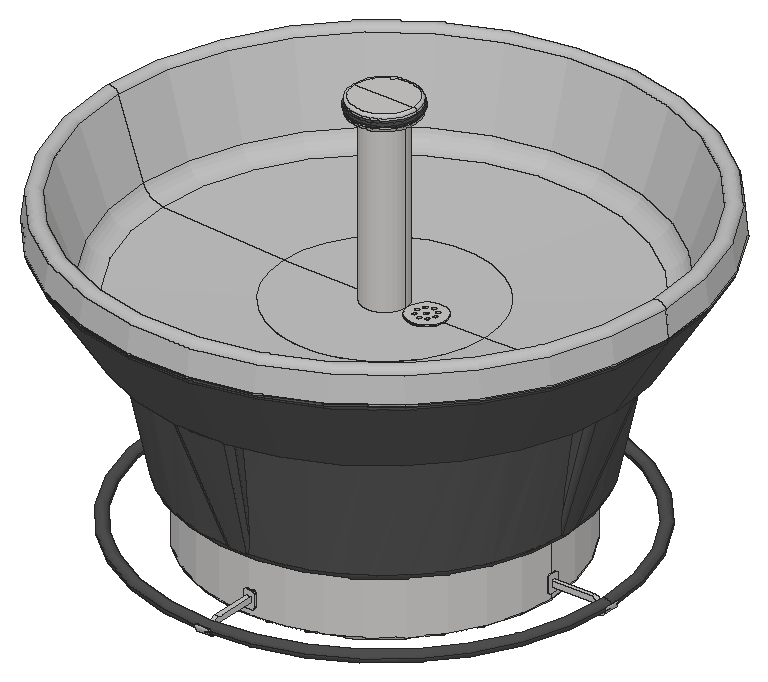
Revit family "Washfountain_Lavatory-Bradley_Corp-WF2808-Type_B_Drain", category Plumbing Fixtures, Revit 2012 (continued)
Lines and regions (in)
  symbolic lines, visible <- "Soap Dispenser", detail levels fine
    curve 24: line (0, 6.1566, 45.875) -> (0, -6.1566, 45.875)
  symbolic lines, detail levels medium
    curve 25: line (-3.12875, 0, 36.80502) -> (-3.035, 0, 36.80502)
    curve 27: line (3.035, 0, 36.80502) -> (3.12875, 0, 36.80502)
    curve 28: line (3.12875, 0, 36.30502) -> (3.035, 0, 36.30502)
    curve 30: line (-3.035, 0, 36.30502) -> (-3.12875, 0, 36.30502)
    curve 32: line (0, 3.12875, 36.80502) -> (0, 3.035, 36.80502)
    curve 34: line (0, -3.035, 36.80502) -> (0, -3.12875, 36.80502)
    curve 35: line (0, -3.12875, 36.30502) -> (0, -3.035, 36.30502)
    curve 37: line (0, 3.035, 36.30502) -> (0, 3.12875, 36.30502)
  symbolic lines, detail levels medium+fine
    curve 26: line (-3.035, 0, 36.80502) -> (3.035, 0, 36.80502)
    curve 29: line (3.035, 0, 36.30502) -> (-3.035, 0, 36.30502)
    curve 33: line (0, 3.035, 36.80502) -> (0, -3.035, 36.80502)
    curve 36: line (0, -3.035, 36.30502) -> (0, 3.035, 36.30502)
    curve 47: circle (0, 0, 37.25) r 2 normal (0, 0, 1)
    curve 137: circle (4, 0, 29) r 1.25 normal (0, 0, 1)
    curve 138: circle (4, 0, 29) r 0.1842 normal (0, 0, 1)
    curve 139: circle (4, 0.87771, 29) r 0.1842 normal (0, 0, 1)
    curve 140: circle (4.62063, 0.62063, 29) r 0.1842 normal (0, 0, 1)
    curve 141: circle (4.87771, 0, 29) r 0.1842 normal (0, 0, 1)
    curve 142: circle (4.62063, -0.62063, 29) r 0.1842 normal (0, 0, 1)
    curve 143: circle (4, -0.87771, 29) r 0.1842 normal (0, 0, 1)
    curve 144: circle (3.37937, -0.62063, 29) r 0.1842 normal (0, 0, 1)
    curve 145: circle (3.12229, 0, 29) r 0.1842 normal (0, 0, 1)
    curve 146: circle (3.37937, 0.62063, 29) r 0.1842 normal (0, 0, 1)
    curve 155: line (-17.48807, 0, 6.31492) -> (-0.96574, 0, 6.31492)
    curve 156: line (-0.96574, 0, 6.24986) -> (-0.96574, 0, 18.12)
    curve 158: line (-0.12584, 0, 6.24986) -> (-0.12584, 0, 18.12)
    curve 159: line (1.12265, 0, 6.31492) -> (17.49519, 0, 6.31492)
    curve 160: line (-22.00077, 0, 18.10444) -> (-21.06726, 0, 18.10444)
    curve 161: arc (-21.06726, 0, 18.10444) -> (-20.92142, 0, 18.054) -> (-20.8379, 0, 17.92423) r 0.23606
    curve 162: line (-20.8379, 0, 17.92423) -> (-2.19375, 0, 17.92423)
    curve 163: line (-2.07801, 0, 18.10444) -> (-1.09014, 0, 18.10444)
    curve 164: arc (-2.07801, 0, 18.10444) -> (-2.16776, 0, 18.05613) -> (-2.19717, 0, 17.95855) r 0.13336
    curve 165: arc (-1.09014, 0, 18.10444) -> (-1.02745, 0, 18.10835) -> (-0.96574, 0, 18.12) r 0.50514
    curve 166: arc (-1.08537, 0, 6.8063) -> (-1.04271, 0, 6.55643) -> (-0.96574, 0, 6.31492) r 1.81926
    curve 167: line (-0.96574, 0, 6.24986) -> (-0.12584, 0, 6.24986)
    curve 168: line (0, 0, 6.31492) -> (0.15691, 0, 6.31492)
    curve 169: arc (-0.12584, 0, 6.24986) -> (-0.05501, 0, 6.26709) -> (0, 0, 6.31492) r 0.15424
    curve 173: line (1.12265, 0, 6.24986) -> (1.12265, 0, 18.12)
    curve 175: line (0.28275, 0, 6.24986) -> (0.28275, 0, 18.12)
    curve 176: line (22.00077, 0, 18.10444) -> (21.09665, 0, 18.10444)
    curve 177: arc (21.09665, 0, 18.10444) -> (20.95081, 0, 18.054) -> (20.86729, 0, 17.92423) r 0.23606
    curve 178: line (20.86729, 0, 17.92423) -> (2.35066, 0, 17.92423)
    curve 179: line (2.23492, 0, 18.10444) -> (1.24705, 0, 18.10444)
    curve 180: arc (2.23492, 0, 18.10444) -> (2.32467, 0, 18.05613) -> (2.35408, 0, 17.95855) r 0.13336
    curve 181: arc (1.24705, 0, 18.10444) -> (1.18436, 0, 18.10835) -> (1.12265, 0, 18.12) r 0.50514
    curve 182: arc (1.24228, 0, 6.8063) -> (1.19962, 0, 6.55643) -> (1.12265, 0, 6.31492) r 1.81926
    curve 183: line (1.12265, 0, 6.24986) -> (0.28275, 0, 6.24986)
    curve 184: arc (0.28275, 0, 6.24986) -> (0.21192, 0, 6.26709) -> (0.15691, 0, 6.31492) r 0.15424
    curve 201: line (0, 20.99655, 18.03148) -> (0, 21.97113, 18.03148)
    curve 203: arc (0, 20.8379, 17.92423) -> (0, 20.9008, 18.00216) -> (0, 20.99655, 18.03148) r 0.17096
    curve 205: line (0, 2.19389, 17.92569) -> (0, 20.83849, 17.92569)
    curve 208: line (0, 2.07801, 18.10444) -> (0, 1.09014, 18.10444)
    curve 209: arc (0, 2.19829, 17.96981) -> (0, 2.16828, 18.06404) -> (0, 2.07801, 18.10444) r 0.12105
    curve 210: line (0, 0.96513, 6.24986) -> (0, 0.96513, 18.12004)
    curve 211: arc (0, 0.96513, 18.12004) -> (0, 1.02715, 18.10836) -> (0, 1.09014, 18.10444) r 0.5087
    curve 213: line (0, 0.96513, 6.24986) -> (0, 0.12584, 6.24986)
    curve 215: arc (0, 1.08537, 6.8063) -> (0, 1.04105, 6.52467) -> (0, 0.96513, 6.24986) r 2.51421
    curve 216: line (0, 0, 6.31685) -> (0, -0.15625, 6.31685)
    curve 217: line (0, 0, 6.31685) -> (0, 0.12584, 6.24986)
    curve 218: line (0, 0.12584, 6.24986) -> (0, 0.12584, 18.12004)
    curve 221: line (0, -2.35014, 17.92569) -> (0, -20.8418, 17.92569)
    curve 224: line (0, -2.23426, 18.10444) -> (0, -1.24639, 18.10444)
    curve 225: arc (0, -2.35454, 17.96981) -> (0, -2.32453, 18.06404) -> (0, -2.23426, 18.10444) r 0.12105
    curve 226: line (0, -1.12138, 6.24986) -> (0, -1.12138, 18.12004)
    curve 227: arc (0, -1.12138, 18.12004) -> (0, -1.1834, 18.10836) -> (0, -1.24639, 18.10444) r 0.5087
    curve 228: line (0, -1.12138, 6.24986) -> (0, -0.28209, 6.24986)
    curve 230: arc (0, -1.24162, 6.8063) -> (0, -1.1973, 6.52467) -> (0, -1.12138, 6.24986) r 2.51421
    curve 231: line (0, -0.15625, 6.31685) -> (0, -0.28209, 6.24986)
    curve 232: line (0, -0.28209, 6.24986) -> (0, -0.28209, 18.12004)
    curve 235: line (0, -21.00003, 18.03148) -> (0, -21.97463, 18.03148)
    curve 237: arc (0, -20.84138, 17.92423) -> (0, -20.90428, 18.00216) -> (0, -21.00003, 18.03148) r 0.17096
    curve 241: line (0, 17.49039, 6.32544) -> (0, 0.98937, 6.32544)
    curve 242: line (0, -1.14562, 6.32544) -> (0, -17.49387, 6.32544)
  symbolic lines
    curve 31: line (-2, 0, 35.86002) -> (2, 0, 35.86002)
    curve 38: line (0, 2, 35.86002) -> (0, -2, 35.86002)
    curve 136: circle (4, 0, 29) r 1.75 normal (0, 0, 1)
    curve 147: circle (0, 0, 29) r 25.3 normal (0, 0, 1)
    curve 153: line (-20.8379, 0, 17.92423) -> (-17.61819, 0, 6.792)
    curve 154: line (-17.61819, 0, 6.792) -> (-17.47033, 0, 6.24986)
    curve 157: line (-2.19717, 0, 17.95855) -> (-1.08537, 0, 6.8063)
    curve 172: line (20.86729, 0, 17.92423) -> (17.49473, 0, 6.31579)
    curve 174: line (2.35408, 0, 17.95855) -> (1.24228, 0, 6.8063)
    curve 187: line (22.00077, 0, 18.10444) -> (17.49519, 0, 6.31492)
    curve 188: line (-15.8946, 0, 5.6669) -> (15.9375, 0, 5.6669)
    curve 202: line (0, 20.8379, 17.92423) -> (0, 17.46859, 6.24991)
    curve 204: line (0, 20.8379, 17.92423) -> (0, 20.89404, 18.12)
    curve 206: line (0, 2.19829, 17.96981) -> (0, 1.08537, 6.8063)
    curve 212: line (0, 15.89286, 5.66694) -> (0, -15.89458, 5.66694)
    curve 222: line (0, -2.35454, 17.96981) -> (0, -1.24162, 6.8063)
    curve 236: line (0, -20.84138, 17.92423) -> (0, -17.46638, 6.2302)
    curve 238: line (0, -20.84138, 17.92423) -> (0, -20.89752, 18.12)
    curve 251: circle (0, 0, 29) r 21 normal (0, 0, 1)
    curve 252: line (26.7906, 0, 26) -> (-26.7889, 0, 26)
    curve 253: line (0, 26.7906, 26) -> (0, -26.7906, 26)
  symbolic lines, visible <- "Sensor Module", detail levels fine
    curve 39: line (-4.49987, 0, 40.18459) -> (4.49987, 0, 40.18459)
    curve 42: line (0, 4.49987, 40.18459) -> (0, -4.49987, 40.18459)
  symbolic lines, visible <- "Sensor Module", detail levels medium
    curve 40: line (4.57537, 0, 38.73512) -> (-4.5755, 0, 38.73512)
    curve 43: line (0, -4.57537, 38.73512) -> (0, 4.57537, 38.73512)
  symbolic lines, visible <- "Sensor Module"
    curve 41: line (-2, 0, 37.90962) -> (2, 0, 37.90962)
    curve 44: line (0, 2, 37.91) -> (0, -2, 37.91)
  symbolic lines, visible <- "Sensor Module", detail levels medium+fine
    curve 46: circle (0, 0, 40.75) r 2.10282 normal (0, 0, 1)
  model lines, visible <- "Towel Dispenser", detail levels fine
    curve 51: spline (-9.0267, 1.13929, 53.62502) -> (-8.93299, 0.97699, 56.66615) -> (-8.65827, 0.50115, 59.50002) -> (-8.22124, -0.2558, 61.93353) -> (-7.6517, -1.24228, 63.80082) -> (-6.98845, -2.39106, 64.97465) -> (-6.2767, -3.62385, 65.37502) -> (-5.56494, -4.85664, 64.97465) -> (-4.9017, -6.00542, 63.80082) -> (-4.33215, -6.9919, 61.93353) -> (-3.89513, -7.74885, 59.50002) -> (-3.6204, -8.22469, 56.66615) -> (-3.5267, -8.38699, 53.62502)
    curve 52: spline (3.527, -8.3872, 53.62502) -> (3.6207, -8.22489, 56.66615) -> (3.89542, -7.74903, 59.50002) -> (4.33244, -6.99205, 61.93353) -> (4.90197, -6.00554, 63.80082) -> (5.56521, -4.85671, 64.97465) -> (6.27694, -3.62387, 65.37502) -> (6.98868, -2.39103, 64.97465) -> (7.65191, -1.24221, 63.80082) -> (8.22144, -0.2557, 61.93353) -> (8.65846, 0.50129, 59.50002) -> (8.93318, 0.97714, 56.66615) -> (9.02688, 1.13945, 53.62502)
    curve 98: spline (4.50547, -6.69233, 56.22659) -> (4.48576, -6.72648, 56.26066) -> (4.46739, -6.7583, 56.36056) -> (4.45161, -6.78563, 56.51948) -> (4.43951, -6.80659, 56.72659) -> (4.4319, -6.81977, 56.96777) -> (4.4293, -6.82427, 57.22659) -> (4.4319, -6.81977, 57.4854) -> (4.43951, -6.80659, 57.72659) -> (4.45161, -6.78563, 57.93369) -> (4.46739, -6.7583, 58.09261) -> (4.48576, -6.72648, 58.19251) -> (4.50547, -6.69233, 58.22659) -> (4.52519, -6.65819, 58.19251) -> (4.54356, -6.62637, 58.09261) -> (4.55933, -6.59904, 57.93369) -> (4.57144, -6.57807, 57.72659) -> (4.57905, -6.56489, 57.4854) -> (4.58164, -6.5604, 57.22659) -> (4.57905, -6.56489, 56.96777) -> (4.57144, -6.57807, 56.72659) -> (4.55933, -6.59904, 56.51948) -> (4.54356, -6.62637, 56.36056) -> (4.52519, -6.65819, 56.26066) -> (4.50547, -6.69233, 56.22659)
    curve 99: spline (3.54323, 7.20696, 56.22659) -> (3.58266, 7.20696, 56.26066) -> (3.6194, 7.20696, 56.36056) -> (3.65095, 7.20696, 56.51948) -> (3.67516, 7.20696, 56.72659) -> (3.69038, 7.20696, 56.96777) -> (3.69557, 7.20696, 57.22659) -> (3.69038, 7.20696, 57.4854) -> (3.67516, 7.20696, 57.72659) -> (3.65095, 7.20696, 57.93369) -> (3.6194, 7.20696, 58.09261) -> (3.58266, 7.20696, 58.19251) -> (3.54323, 7.20696, 58.22659) -> (3.5038, 7.20696, 58.19251) -> (3.46706, 7.20696, 58.09261) -> (3.4355, 7.20696, 57.93369) -> (3.41129, 7.20696, 57.72659) -> (3.39607, 7.20696, 57.4854) -> (3.39088, 7.20696, 57.22659) -> (3.39607, 7.20696, 56.96777) -> (3.41129, 7.20696, 56.72659) -> (3.4355, 7.20696, 56.51948) -> (3.46706, 7.20696, 56.36056) -> (3.5038, 7.20696, 56.26066) -> (3.54323, 7.20696, 56.22659)
    curve 100: spline (-8.04818, -0.55555, 56.22659) -> (-8.06789, -0.5214, 56.26066) -> (-8.08627, -0.48958, 56.36056) -> (-8.10204, -0.46226, 56.51948) -> (-8.11415, -0.44129, 56.72659) -> (-8.12176, -0.42811, 56.96777) -> (-8.12435, -0.42362, 57.22659) -> (-8.12176, -0.42811, 57.4854) -> (-8.11415, -0.44129, 57.72659) -> (-8.10204, -0.46226, 57.93369) -> (-8.08627, -0.48958, 58.09261) -> (-8.06789, -0.5214, 58.19251) -> (-8.04818, -0.55555, 58.22659) -> (-8.02847, -0.5897, 58.19251) -> (-8.01009, -0.62152, 58.09261) -> (-7.99432, -0.64884, 57.93369) -> (-7.98221, -0.66981, 57.72659) -> (-7.9746, -0.68299, 57.4854) -> (-7.97201, -0.68748, 57.22659) -> (-7.9746, -0.68299, 56.96777) -> (-7.98221, -0.66981, 56.72659) -> (-7.99432, -0.64884, 56.51948) -> (-8.01009, -0.62152, 56.36056) -> (-8.02847, -0.5897, 56.26066) -> (-8.04818, -0.55555, 56.22659)
    curve 101: spline (5.50026, 7.20696, 53.62502) -> (5.31285, 7.20696, 56.66615) -> (4.76338, 7.20696, 59.50002) -> (3.88931, 7.20696, 61.93353) -> (2.75019, 7.20696, 63.80082) -> (1.42367, 7.20696, 64.97465) -> (0.00013, 7.20696, 65.37502) -> (-1.42341, 7.20696, 64.97465) -> (-2.74994, 7.20696, 63.80082) -> (-3.88905, 7.20696, 61.93353) -> (-4.76312, 7.20696, 59.50002) -> (-5.31259, 7.20696, 56.66615) -> (-5.5, 7.20696, 53.62502)
  symbolic lines, visible <- "Towel Dispenser", detail levels fine
    curve 54: spline (-9.02676, -27, 53.62502) -> (-8.93305, -27, 56.66615) -> (-8.65832, -27, 59.50002) -> (-8.22128, -27, 61.93353) -> (-7.65173, -27, 63.80082) -> (-6.98846, -27, 64.97465) -> (-6.2767, -27, 65.37502) -> (-5.56493, -27, 64.97465) -> (-4.90166, -27, 63.80082) -> (-4.33211, -27, 61.93353) -> (-3.89507, -27, 59.50002) -> (-3.62034, -27, 56.66615) -> (-3.52663, -27, 53.62502)
    curve 55: spline (3.527, -27, 53.62502) -> (3.6207, -27, 56.66615) -> (3.89542, -27, 59.50002) -> (4.33244, -27, 61.93353) -> (4.90197, -27, 63.80082) -> (5.56521, -27, 64.97465) -> (6.27694, -27, 65.37502) -> (6.98868, -27, 64.97465) -> (7.65191, -27, 63.80082) -> (8.22144, -27, 61.93353) -> (8.65846, -27, 59.50002) -> (8.93318, -27, 56.66615) -> (9.02688, -27, 53.62502)
    curve 85: spline (5.50026, 27, 53.62502) -> (5.31285, 27, 56.66615) -> (4.76338, 27, 59.50002) -> (3.88931, 27, 61.93353) -> (2.75019, 27, 63.80082) -> (1.42367, 27, 64.97465) -> (0.00013, 27, 65.37502) -> (-1.42341, 27, 64.97465) -> (-2.74994, 27, 63.80082) -> (-3.88905, 27, 61.93353) -> (-4.76312, 27, 59.50002) -> (-5.31259, 27, 56.66615) -> (-5.5, 27, 53.62502)
    curve 93: spline (0, 1.1394, 53.62502) -> (0, 0.9771, 56.66615) -> (0, 0.50125, 59.50002) -> (0, -0.25572, 61.93353) -> (0, -1.24223, 63.80082) -> (0, -2.39103, 64.97465) -> (0, -3.62385, 65.37502) -> (0, -4.85667, 64.97465) -> (0, -6.00548, 63.80082) -> (0, -6.99198, 61.93353) -> (0, -7.74895, 59.50002) -> (0, -8.2248, 56.66615) -> (0, -8.3871, 53.62502)
    curve 102: spline (-8.04824, -27, 56.22659) -> (-8.06796, -27, 56.26066) -> (-8.08633, -27, 56.36056) -> (-8.10211, -27, 56.51948) -> (-8.11421, -27, 56.72659) -> (-8.12182, -27, 56.96777) -> (-8.12442, -27, 57.22659) -> (-8.12182, -27, 57.4854) -> (-8.11421, -27, 57.72659) -> (-8.10211, -27, 57.93369) -> (-8.08633, -27, 58.09261) -> (-8.06796, -27, 58.19251) -> (-8.04824, -27, 58.22659) -> (-8.02853, -27, 58.19251) -> (-8.01016, -27, 58.09261) -> (-7.99438, -27, 57.93369) -> (-7.98228, -27, 57.72659) -> (-7.97467, -27, 57.4854) -> (-7.97207, -27, 57.22659) -> (-7.97467, -27, 56.96777) -> (-7.98228, -27, 56.72659) -> (-7.99438, -27, 56.51948) -> (-8.01016, -27, 56.36056) -> (-8.02853, -27, 56.26066) -> (-8.04824, -27, 56.22659)
    curve 103: spline (4.50547, -27, 56.22659) -> (4.48576, -27, 56.26066) -> (4.46739, -27, 56.36056) -> (4.45161, -27, 56.51948) -> (4.43951, -27, 56.72659) -> (4.4319, -27, 56.96777) -> (4.4293, -27, 57.22659) -> (4.4319, -27, 57.4854) -> (4.43951, -27, 57.72659) -> (4.45161, -27, 57.93369) -> (4.46739, -27, 58.09261) -> (4.48576, -27, 58.19251) -> (4.50547, -27, 58.22659) -> (4.52519, -27, 58.19251) -> (4.54356, -27, 58.09261) -> (4.55933, -27, 57.93369) -> (4.57144, -27, 57.72659) -> (4.57905, -27, 57.4854) -> (4.58164, -27, 57.22659) -> (4.57905, -27, 56.96777) -> (4.57144, -27, 56.72659) -> (4.55933, -27, 56.51948) -> (4.54356, -27, 56.36056) -> (4.52519, -27, 56.26066) -> (4.50547, -27, 56.22659)
    curve 104: spline (3.54323, 27, 56.22659) -> (3.58266, 27, 56.26066) -> (3.6194, 27, 56.36056) -> (3.65095, 27, 56.51948) -> (3.67516, 27, 56.72659) -> (3.69038, 27, 56.96777) -> (3.69557, 27, 57.22659) -> (3.69038, 27, 57.4854) -> (3.67516, 27, 57.72659) -> (3.65095, 27, 57.93369) -> (3.6194, 27, 58.09261) -> (3.58266, 27, 58.19251) -> (3.54323, 27, 58.22659) -> (3.5038, 27, 58.19251) -> (3.46706, 27, 58.09261) -> (3.4355, 27, 57.93369) -> (3.41129, 27, 57.72659) -> (3.39607, 27, 57.4854) -> (3.39088, 27, 57.22659) -> (3.39607, 27, 56.96777) -> (3.41129, 27, 56.72659) -> (3.4355, 27, 56.51948) -> (3.46706, 27, 56.36056) -> (3.5038, 27, 56.26066) -> (3.54323, 27, 56.22659)
    curve 133: spline (0, -0.55544, 56.22659) -> (0, -0.52129, 56.26066) -> (0, -0.48947, 56.36056) -> (0, -0.46215, 56.51948) -> (0, -0.44118, 56.72659) -> (0, -0.428, 56.96777) -> (0, -0.42351, 57.22659) -> (0, -0.428, 57.4854) -> (0, -0.44118, 57.72659) -> (0, -0.46215, 57.93369) -> (0, -0.48947, 58.09261) -> (0, -0.52129, 58.19251) -> (0, -0.55544, 58.22659) -> (0, -0.58959, 58.19251) -> (0, -0.62141, 58.09261) -> (0, -0.64873, 57.93369) -> (0, -0.6697, 57.72659) -> (0, -0.68288, 57.4854) -> (0, -0.68737, 57.22659) -> (0, -0.68288, 56.96777) -> (0, -0.6697, 56.72659) -> (0, -0.64873, 56.51948) -> (0, -0.62141, 56.36056) -> (0, -0.58959, 56.26066) -> (0, -0.55544, 56.22659)
  symbolic lines, visible <- "Towel Dispenser"
    curve 56: line (-0.06253, -27, 67.563) -> (-3.52663, -27, 66.87567)
    curve 57: line (3.527, -27, 66.87567) -> (0.06285, -27, 67.563)
    curve 58: line (-9.02676, -27, 66.87567) -> (-3.52663, -27, 66.87567)
    curve 59: line (-3.52663, -27, 66.87567) -> (-3.52663, -27, 53.62502)
    curve 60: line (3.527, -27, 53.62502) -> (3.527, -27, 66.87567)
    curve 61: line (0.06285, -27, 67.563) -> (0.06285, -27, 52.25)
    curve 62: line (-0.06253, -27, 52.25) -> (-0.06253, -27, 67.563)
    curve 63: line (-3.52663, -27, 53.62502) -> (-1.57807, -27, 52.25)
    curve 64: line (1.57842, -27, 52.25) -> (3.527, -27, 53.62502)
    curve 65: line (-9.02676, -27, 53.62502) -> (-3.52663, -27, 53.62502)
    curve 66: line (3.527, -27, 53.62502) -> (9.02688, -27, 53.62502)
    curve 75: line (3.527, -27, 66.87567) -> (9.02688, -27, 66.87567)
    curve 77: line (-5.5, 27, 67.563) -> (-5.5, 27, 52.25)
    curve 78: line (5.50026, 27, 52.25) -> (5.50026, 27, 67.563)
    curve 79: line (5.50026, 27, 66.87567) -> (-5.5, 27, 66.87567)
    curve 80: line (5.50026, 27, 53.62502) -> (-5.5, 27, 53.62502)
    curve 86: line (0, 3.20696, 67.563) -> (0, 3.20696, 52.25)
    curve 87: line (0, 3.1394, 67.563) -> (0, 3.1394, 52.25)
    curve 88: line (0, 1.1394, 66.87567) -> (0, 3.1394, 67.563)
    curve 89: line (0, 1.1394, 53.62502) -> (0, 1.1394, 66.87567)
    curve 90: line (0, 1.1394, 66.87567) -> (0, -8.3871, 66.87567)
    curve 91: line (0, 2.2644, 52.25) -> (0, 1.1394, 53.62502)
    curve 92: line (0, 1.1394, 53.62502) -> (0, -8.3871, 53.62502)
    curve 131: line (-2, -27, 52.25) -> (2, -27, 52.25)
    curve 132: line (-2, -27, 67.563) -> (2, -27, 67.563)
    curve 134: line (0, 1.25, 67.563) -> (0, -1.25, 67.563)
    curve 246: line (-5.5, 3.20696, 52.25) -> (5.50026, 3.20696, 52.25)
    curve 247: line (5.56279, 3.13918, 0) -> (0.06279, -6.3871, 0)
    curve 248: line (-0.06259, -6.38699, 52.25) -> (-5.56259, 3.13929, 52.25)
    curve 249: line (-5.56259, 3.13929, 52.25) -> (-5.5, 3.20696, 52.25)
    curve 250: line (5.50026, 3.20696, 52.25) -> (5.56279, 3.13918, 52.25)
  symbolic lines, visible <- "Towel Dispenser", detail levels medium+fine
    curve 67: line (-3.95999, -27, 53.3286) -> (-7.95843, -27, 53.3286)
    curve 68: spline (-7.95843, -27, 53.3286) -> (-8.0366, -27, 53.31528) -> (-8.07168, -27, 53.27621) -> (-8.06127, -27, 53.21406) -> (-8.00608, -27, 53.13306) -> (-7.90988, -27, 53.03873) -> (-7.77921, -27, 52.93751) -> (-7.62299, -27, 52.83629) -> (-7.45186, -27, 52.74197) -> (-7.27748, -27, 52.66097) -> (-7.11174, -27, 52.59882) -> (-6.96593, -27, 52.55975) -> (-6.84999, -27, 52.54642)
    curve 69: line (-6.84999, -27, 52.54642) -> (-2.85155, -27, 52.54642)
    curve 70: spline (-2.85155, -27, 52.54642) -> (-2.77338, -27, 52.55975) -> (-2.7383, -27, 52.59882) -> (-2.74871, -27, 52.66097) -> (-2.8039, -27, 52.74197) -> (-2.90011, -27, 52.83629) -> (-3.03077, -27, 52.93751) -> (-3.18699, -27, 53.03873) -> (-3.35812, -27, 53.13306) -> (-3.5325, -27, 53.21406) -> (-3.69824, -27, 53.27621) -> (-3.84405, -27, 53.31528) -> (-3.95999, -27, 53.3286)
    curve 71: line (7.8569, -27, 53.32864) -> (3.85695, -27, 53.32864)
    curve 72: spline (3.85695, -27, 53.32864) -> (3.74101, -27, 53.31531) -> (3.59521, -27, 53.27624) -> (3.42947, -27, 53.21409) -> (3.25509, -27, 53.13309) -> (3.08396, -27, 53.03877) -> (2.92774, -27, 52.93755) -> (2.79707, -27, 52.83632) -> (2.70086, -27, 52.742) -> (2.64567, -27, 52.661) -> (2.63526, -27, 52.59885) -> (2.67033, -27, 52.55978) -> (2.7485, -27, 52.54645)
    curve 73: line (2.7485, -27, 52.54645) -> (6.74844, -27, 52.54645)
    curve 74: spline (6.74844, -27, 52.54645) -> (6.86438, -27, 52.55978) -> (7.01019, -27, 52.59885) -> (7.17593, -27, 52.661) -> (7.3503, -27, 52.742) -> (7.52143, -27, 52.83632) -> (7.67766, -27, 52.93755) -> (7.80832, -27, 53.03877) -> (7.90453, -27, 53.13309) -> (7.95972, -27, 53.21409) -> (7.97014, -27, 53.27624) -> (7.93507, -27, 53.31531) -> (7.8569, -27, 53.32864)
    curve 81: line (-4, 27, 53.3286) -> (4.00026, 27, 53.3286)
    curve 82: spline (4.00026, 27, 53.3286) -> (4.19437, 27, 53.31528) -> (4.37526, 27, 53.27621) -> (4.53059, 27, 53.21406) -> (4.64978, 27, 53.13306) -> (4.7247, 27, 53.03873) -> (4.75026, 27, 52.93751) -> (4.7247, 27, 52.83629) -> (4.64978, 27, 52.74197) -> (4.53059, 27, 52.66097) -> (4.37526, 27, 52.59882) -> (4.19437, 27, 52.55975) -> (4.00026, 27, 52.54642)
    curve 83: line (4.00026, 27, 52.54642) -> (-4, 27, 52.54642)
    curve 84: spline (-4, 27, 52.54642) -> (-4.19411, 27, 52.55975) -> (-4.375, 27, 52.59882) -> (-4.53033, 27, 52.66097) -> (-4.64952, 27, 52.74197) -> (-4.72444, 27, 52.83629) -> (-4.75, 27, 52.93751) -> (-4.72444, 27, 53.03873) -> (-4.64952, 27, 53.13306) -> (-4.53033, 27, 53.21406) -> (-4.375, 27, 53.27621) -> (-4.19411, 27, 53.31528) -> (-4, 27, 53.3286)
    curve 94: line (0, -6.84554, 53.3286) -> (0, 0.08288, 53.3286)
    curve 95: spline (0, 0.08288, 53.3286) -> (0, 0.26189, 53.31528) -> (0, 0.45051, 53.27621) -> (0, 0.63588, 53.21406) -> (0, 0.80537, 53.13306) -> (0, 0.94743, 53.03873) -> (0, 1.05238, 52.93751) -> (0, 1.11307, 52.83629) -> (0, 1.12535, 52.74197) -> (0, 1.0884, 52.66097) -> (0, 1.00473, 52.59882) -> (0, 0.88005, 52.55975) -> (0, 0.72284, 52.54642)
    curve 96: line (0, 0.72284, 52.54642) -> (0, -6.20559, 52.54642)
    curve 97: spline (0, -6.20559, 52.54642) -> (0, -6.3846, 52.55975) -> (0, -6.57321, 52.59882) -> (0, -6.75859, 52.66097) -> (0, -6.92808, 52.74197) -> (0, -7.07014, 52.83629) -> (0, -7.17508, 52.93751) -> (0, -7.23577, 53.03873) -> (0, -7.24806, 53.13306) -> (0, -7.2111, 53.21406) -> (0, -7.12744, 53.27621) -> (0, -7.00275, 53.31528) -> (0, -6.84554, 53.3286)
    curve 243: line (-7.07814, 2.26429, 52.25) -> (-1.57814, -7.26199, 52.25)
    curve 244: line (1.57842, -7.26225, 52.25) -> (7.0783, 2.2644, 52.25)
    curve 245: line (5.50026, 4.95696, 52.25) -> (-5.5, 4.95696, 52.25)
  model lines, not visible
    curve 105: circle (0, 0, 0) r 21 normal (0, 0, 1)
  sketch lines
    curve 106: circle (0, 0, 0) r 21 normal (0, 0, 1)
    curve 149: line (-17.47033, -0.07207, 6.24986) -> (-22.00672, -0.07207, 18.12)
    curve 150: line (0.07207, -17.47033, 6.24986) -> (0.07207, -22.00672, 18.12)
    curve 151: line (17.47033, 0.07207, 6.24986) -> (22.00672, 0.07207, 18.12)
    curve 152: line (-0.07207, 17.47033, 6.24986) -> (-0.07207, 22.00672, 18.12)
  symbolic lines, visible <- "Foot Control Valve", detail levels fine
    curve 107: line (-0.67, 0, 0.925) -> (-0.67, 0, 1.61691)
    curve 108: line (-0.67, 0, 1.61691) -> (0.67, 0, 1.61691)
    curve 109: line (0.67, 0, 1.61691) -> (0.67, 0, 0.925)
    curve 110: line (-0.46567, 0, 0.825) -> (0.46567, 0, 0.825)
    curve 111: line (-0.50501, 0, 1.925) -> (0.50501, 0, 1.925)
    curve 112: arc (-20.98857, 0, 0.925) -> (-21.39304, 0, 1.11581) -> (-21.48307, 0, 1.55388) r 0.5
    curve 113: arc (-20.99912, 0, 0.82487) -> (-20.82626, 0, 0.85057) -> (-20.66814, 0, 0.925) r 0.6
    curve 114: line (-20.30228, 0, 0.925) -> (-20.98857, 0, 0.925)
    curve 115: arc (21.48307, 0, 1.55388) -> (21.39304, 0, 1.11581) -> (20.98857, 0, 0.925) r 0.5
    curve 116: arc (20.66814, 0, 0.925) -> (20.82626, 0, 0.85057) -> (20.99912, 0, 0.82487) r 0.6
    curve 117: line (20.30228, 0, 0.925) -> (20.98857, 0, 0.925)
    curve 118: arc (0, 21.48307, 1.55401) -> (0, 20.6919, 1.03121) -> (0, 21.009, 1.92492) r 0.5
    curve 119: arc (0, 20.51154, 1.53179) -> (0, 20.47337, 1.59132) -> (0, 20.41385, 1.55315) r 0.05
    curve 120: arc (0, 20.41385, 1.55315) -> (0, 20.5328, 1.04853) -> (0, 21.00059, 0.825) r 0.6
    curve 121: line (0, 20.30377, 0.92644) -> (0, 20.66618, 0.92644)
    curve 122: arc (0, -21.00467, 1.92498) -> (0, -20.69361, 1.02988) -> (0, -21.48307, 1.55401) r 0.5
    curve 123: arc (0, -20.41385, 1.55315) -> (0, -20.47337, 1.59132) -> (0, -20.51154, 1.53179) r 0.05
    curve 124: arc (0, -20.98882, 0.8251) -> (0, -20.52913, 1.05313) -> (0, -20.41385, 1.55315) r 0.6
    curve 125: line (0, -20.30078, 0.92644) -> (0, -20.66618, 0.92644)
    curve 126: line (0, -0.67, 1.61678) -> (0, -0.67, 0.82487)
    curve 127: line (0, 0.67, 1.61678) -> (0, -0.67, 1.61678)
    curve 128: line (0, 0.67, 0.82487) -> (0, 0.67, 1.61678)
    curve 129: line (0, 0.50501, 1.92487) -> (0, -0.50501, 1.92487)
    curve 130: line (0, 0.46567, 0.82487) -> (0, -0.46567, 0.82487)
  model lines, detail levels medium+fine
    curve 135: circle (4, 0, 20.14202) r 1.25 normal (0, 0, 1)
  model lines, not visible, detail levels fine
    curve 148: line (-17.47033, -0.07207, 6.24986) -> (-22.00672, -0.07207, 18.12)
  symbolic lines, detail levels fine
    curve 170: circle (-0.59234, 0, 14.97829) r 0.18079 normal (0, -1, 0)
    curve 171: circle (-0.59234, 0, 9.43889) r 0.18079 normal (0, -1, 0)
    curve 185: circle (0.74925, 0, 14.97829) r 0.18079 normal (0, 1, 0)
    curve 186: circle (0.74925, 0, 9.43889) r 0.18079 normal (0, 1, 0)
    curve 189: spline (-0.96355, 0, 4.64199) -> (-0.87273, 0, 4.65397) -> (-0.7881, 0, 4.68911) -> (-0.71543, 0, 4.74501) -> (-0.65967, 0, 4.81786) -> (-0.62461, 0, 4.9027) -> (-0.61266, 0, 4.99374) -> (-0.62461, 0, 5.08478) -> (-0.65967, 0, 5.16961) -> (-0.71543, 0, 5.24246) -> (-0.7881, 0, 5.29836) -> (-0.87273, 0, 5.3335) -> (-0.96355, 0, 5.34549) -> (-1.05437, 0, 5.3335) -> (-1.139, 0, 5.29836) -> (-1.21167, 0, 5.24246) -> (-1.26743, 0, 5.16961) -> (-1.30249, 0, 5.08478) -> (-1.31444, 0, 4.99374) -> (-1.30249, 0, 4.9027) -> (-1.26743, 0, 4.81786) -> (-1.21167, 0, 4.74501) -> (-1.139, 0, 4.68911) -> (-1.05437, 0, 4.65397) -> (-0.96355, 0, 4.64199)
    curve 190: spline (1.11807, 0, 5.34611) -> (1.02726, 0, 5.33413) -> (0.94263, 0, 5.29899) -> (0.86995, 0, 5.24309) -> (0.81419, 0, 5.17024) -> (0.77914, 0, 5.0854) -> (0.76718, 0, 4.99436) -> (0.77914, 0, 4.90332) -> (0.81419, 0, 4.81849) -> (0.86995, 0, 4.74564) -> (0.94263, 0, 4.68974) -> (1.02726, 0, 4.6546) -> (1.11807, 0, 4.64261) -> (1.20889, 0, 4.6546) -> (1.29352, 0, 4.68974) -> (1.36619, 0, 4.74564) -> (1.42196, 0, 4.81849) -> (1.45701, 0, 4.90332) -> (1.46897, 0, 4.99436) -> (1.45701, 0, 5.0854) -> (1.42196, 0, 5.17024) -> (1.36619, 0, 5.24309) -> (1.29352, 0, 5.29899) -> (1.20889, 0, 5.33413) -> (1.11807, 0, 5.34611)
    curve 191: line (0.07846, 0, 6.31492) -> (0.07846, 0, 18.12)
    curve 219: circle (0, 0.60158, 9.43373) r 0.17708 normal (1, 0, 0)
    curve 220: circle (0, 0.60158, 14.97871) r 0.17708 normal (1, 0, 0)
    curve 233: circle (0, -0.75783, 9.43373) r 0.17708 normal (-1, 0, 0)
    curve 234: circle (0, -0.75783, 14.97871) r 0.17708 normal (-1, 0, 0)
    curve 239: spline (0, 0.96355, 4.64199) -> (0, 0.87273, 4.65397) -> (0, 0.7881, 4.68911) -> (0, 0.71543, 4.74501) -> (0, 0.65967, 4.81786) -> (0, 0.62461, 4.9027) -> (0, 0.61266, 4.99374) -> (0, 0.62461, 5.08478) -> (0, 0.65967, 5.16961) -> (0, 0.71543, 5.24246) -> (0, 0.7881, 5.29836) -> (0, 0.87273, 5.3335) -> (0, 0.96355, 5.34549) -> (0, 1.05437, 5.3335) -> (0, 1.139, 5.29836) -> (0, 1.21167, 5.24246) -> (0, 1.26743, 5.16961) -> (0, 1.30249, 5.08478) -> (0, 1.31444, 4.99374) -> (0, 1.30249, 4.9027) -> (0, 1.26743, 4.81786) -> (0, 1.21167, 4.74501) -> (0, 1.139, 4.68911) -> (0, 1.05437, 4.65397) -> (0, 0.96355, 4.64199)
    curve 240: spline (0, -1.11807, 5.34611) -> (0, -1.02726, 5.33413) -> (0, -0.94263, 5.29899) -> (0, -0.86995, 5.24309) -> (0, -0.81419, 5.17024) -> (0, -0.77914, 5.0854) -> (0, -0.76718, 4.99436) -> (0, -0.77914, 4.90332) -> (0, -0.81419, 4.81849) -> (0, -0.86995, 4.74564) -> (0, -0.94263, 4.68974) -> (0, -1.02726, 4.6546) -> (0, -1.11807, 4.64261) -> (0, -1.20889, 4.6546) -> (0, -1.29352, 4.68974) -> (0, -1.36619, 4.74564) -> (0, -1.42196, 4.81849) -> (0, -1.45701, 4.90332) -> (0, -1.46897, 4.99436) -> (0, -1.45701, 5.0854) -> (0, -1.42196, 5.17024) -> (0, -1.36619, 5.24309) -> (0, -1.29352, 5.29899) -> (0, -1.20889, 5.33413) -> (0, -1.11807, 5.34611)
    curve 254: spline (-1.97389, 0, 1) -> (-1.88308, 0, 1.01199) -> (-1.79845, 0, 1.04713) -> (-1.72577, 0, 1.10303) -> (-1.67001, 0, 1.17587) -> (-1.63496, 0, 1.26071) -> (-1.623, 0, 1.35175) -> (-1.63496, 0, 1.44279) -> (-1.67001, 0, 1.52762) -> (-1.72577, 0, 1.60047) -> (-1.79845, 0, 1.65637) -> (-1.88308, 0, 1.69151) -> (-1.97389, 0, 1.7035) -> (-2.06471, 0, 1.69151) -> (-2.14934, 0, 1.65637) -> (-2.22201, 0, 1.60047) -> (-2.27778, 0, 1.52762) -> (-2.31283, 0, 1.44279) -> (-2.32479, 0, 1.35175) -> (-2.31283, 0, 1.26071) -> (-2.27778, 0, 1.17587) -> (-2.22201, 0, 1.10303) -> (-2.14934, 0, 1.04713) -> (-2.06471, 0, 1.01199) -> (-1.97389, 0, 1)
    curve 255: spline (1.97389, 0, 1) -> (1.88308, 0, 1.01199) -> (1.79845, 0, 1.04713) -> (1.72577, 0, 1.10303) -> (1.67001, 0, 1.17587) -> (1.63496, 0, 1.26071) -> (1.623, 0, 1.35175) -> (1.63496, 0, 1.44279) -> (1.67001, 0, 1.52762) -> (1.72577, 0, 1.60047) -> (1.79845, 0, 1.65637) -> (1.88308, 0, 1.69151) -> (1.97389, 0, 1.7035) -> (2.06471, 0, 1.69151) -> (2.14934, 0, 1.65637) -> (2.22201, 0, 1.60047) -> (2.27778, 0, 1.52762) -> (2.31283, 0, 1.44279) -> (2.32479, 0, 1.35175) -> (2.31283, 0, 1.26071) -> (2.27778, 0, 1.17587) -> (2.22201, 0, 1.10303) -> (2.14934, 0, 1.04713) -> (2.06471, 0, 1.01199) -> (1.97389, 0, 1)
    curve 256: spline (0, 1.97389, 1.00004) -> (0, 1.88308, 1.01203) -> (0, 1.79845, 1.04717) -> (0, 1.72577, 1.10307) -> (0, 1.67001, 1.17592) -> (0, 1.63496, 1.26075) -> (0, 1.623, 1.35179) -> (0, 1.63496, 1.44283) -> (0, 1.67001, 1.52767) -> (0, 1.72577, 1.60052) -> (0, 1.79845, 1.65642) -> (0, 1.88308, 1.69156) -> (0, 1.97389, 1.70354) -> (0, 2.06471, 1.69156) -> (0, 2.14934, 1.65642) -> (0, 2.22201, 1.60052) -> (0, 2.27778, 1.52767) -> (0, 2.31283, 1.44283) -> (0, 2.32479, 1.35179) -> (0, 2.31283, 1.26075) -> (0, 2.27778, 1.17592) -> (0, 2.22201, 1.10307) -> (0, 2.14934, 1.04717) -> (0, 2.06471, 1.01203) -> (0, 1.97389, 1.00004)
    curve 257: spline (0, -1.97389, 1.00004) -> (0, -1.88308, 1.01203) -> (0, -1.79845, 1.04717) -> (0, -1.72577, 1.10307) -> (0, -1.67001, 1.17592) -> (0, -1.63496, 1.26075) -> (0, -1.623, 1.35179) -> (0, -1.63496, 1.44283) -> (0, -1.67001, 1.52767) -> (0, -1.72577, 1.60052) -> (0, -1.79845, 1.65642) -> (0, -1.88308, 1.69156) -> (0, -1.97389, 1.70354) -> (0, -2.06471, 1.69156) -> (0, -2.14934, 1.65642) -> (0, -2.22201, 1.60052) -> (0, -2.27778, 1.52767) -> (0, -2.31283, 1.44283) -> (0, -2.32479, 1.35179) -> (0, -2.31283, 1.26075) -> (0, -2.27778, 1.17592) -> (0, -2.22201, 1.10307) -> (0, -2.14934, 1.04717) -> (0, -2.06471, 1.01203) -> (0, -1.97389, 1.00004)
  model lines, detail levels fine
    curve 192: line (22.00602, 0, 18.12026) -> (17.49473, 0, 6.31579)
    curve 193: line (0, 22.00498, 18.12004) -> (0, 17.46859, 6.24991)
    curve 194: line (0, -22.00846, 18.12004) -> (0, -17.46638, 6.2302)
  symbolic lines, detail levels coarse
    curve 195: line (-2.19717, 0, 17.95855) -> (-2.21326, 0, 18.12)
    curve 196: line (2.35408, 0, 17.95855) -> (2.3682, 0, 18.12)
    curve 197: line (-1.08537, 0, 6.8063) -> (-0.97178, 0, 5.6669)
    curve 198: line (1.24228, 0, 6.8063) -> (1.12869, 0, 5.6669)
    curve 199: line (-20.8379, 0, 17.92423) -> (-20.90915, 0, 18.12)
    curve 200: line (20.86729, 0, 17.92423) -> (20.94211, 0, 18.12)
    curve 207: line (0, 2.19829, 17.96981) -> (0, 2.21432, 18.12)
    curve 214: line (0, 1.08537, 6.8063) -> (0, 0.97178, 5.66694)
    curve 223: line (0, -2.35454, 17.96981) -> (0, -2.37057, 18.12)
    curve 229: line (0, -1.24162, 6.8063) -> (0, -1.12803, 5.66694)
Dimensions and locks (in)
  equal spacing: plane 4 "Left", plane 3 "Center (Left/Right)", plane 5 "Right"
  "Width": plane 4 "Left" to plane 5 "Right"
  equal spacing: plane 7 "Back", plane 1 "Center (Front/Back)", plane 6 "Front"
  "Width": plane 7 "Back" to plane 6 "Front"
  "Towel Dispenser Height": plane 8 "Towel Dispenser" to plane 2
  "Soap Dispenser Height": plane 9 "Soap Dispenser" to plane 2
  "Sensor Module Height": plane 10 "Sensor Module" to plane 2
  "Spray Head Height": plane 11 "Spray Head" to plane 2
  "Rim Height": plane 12 "Rim Height" to plane 2
  locked: plane 11 "Spray Head" to Revolve 3 sketch curve at 1.38998
  locked: plane 9 "Soap Dispenser" to Revolve 5 sketch curve at 6
  locked: plane 9 "Soap Dispenser" to Masking region 5 sketch curve at 6
  locked: plane 9 "Soap Dispenser" to Masking region 6 sketch curve at 6
  locked: plane 10 "Sensor Module" to Revolve 7 sketch curve at 2.84038
  locked: plane 10 "Sensor Module" to Revolve 8 sketch curve at 2.84
  locked: plane 10 "Sensor Module" to Masking region 13 sketch curve at 2.84038
  locked: plane 10 "Sensor Module" to Masking region 13 sketch curve at 2.84
  locked: plane 10 "Sensor Module" to Masking region 14 sketch curve at 2.84038  (x2)
  locked: plane 10 "Sensor Module" to Masking region 15 sketch curve at 2.84038
  locked: plane 10 "Sensor Module" to Masking region 15 sketch curve at 2.84
  locked: plane 10 "Sensor Module" to Masking region 16 sketch curve at 2.84038  (x2)
  locked: Extrusion 9 sketch curve to curve 50 at 4
  locked: curve 50 to Extrusion 9 sketch curve at 15.16279
  locked: curve 50 to Extrusion 9 sketch curve at 15.313
  locked: Extrusion 10 sketch curve to curve 48 at 4
  locked: curve 48 to Extrusion 10 sketch curve at 15.313
  locked: curve 48 to Extrusion 10 sketch curve at 15.16279
  locked: Extrusion 11 sketch curve to curve 49 at 15.313
  locked: Extrusion 11 sketch curve to curve 49 at 14.62567
  locked: Extrusion 12 to Extrusion 10 at 1
  locked: plane 9 "Soap Dispenser" to plane 13 at 6
  "Soap Dispenser Holder": plane 13 to Masking region 24
  "Soap Dispenser Holder": Masking region 25 to plane 13
  "Soap Dispenser Holder": plane 13 to Extrusion 13
  "Towel Dispenser Holder": plane 8 "Towel Dispenser" to Extrusion 12
  "Towel Dispenser Holder": plane 8 "Towel Dispenser" to Masking region 22 sketch curve
  "Towel Dispenser Holder": plane 8 "Towel Dispenser" to Masking region 30
  locked: Extrusion 27 to plane 2 at 3
  locked: curve 48 to Extrusion 10 sketch curve at 4.22974
  locked: Extrusion 9 sketch curve to Extrusion 9 sketch curve at 1.37502
  locked: Extrusion 11 sketch curve to Extrusion 11 sketch curve at 1.37502
  locked: Extrusion 27 sketch curve to plane 3 "Center (Left/Right)" at 4
  "Vent Height": Extrusion 35 to plane 2
  locked: plane 9 "Soap Dispenser" to Revolve 6 sketch curve at 1
  locked: plane 9 "Soap Dispenser" to Revolve 36 sketch curve at 1
  locked: plane 10 "Sensor Module" to Extrusion 37 sketch curve at 1.3649
  locked: plane 10 "Sensor Module" to Extrusion 38 sketch curve at 1.3649
  locked: plane 10 "Sensor Module" to Extrusion 39 sketch curve at 1.3649
  locked: plane 10 "Sensor Module" to Extrusion 40 sketch curve at 1.3649
  "Pedestal Height": plane 14 "Pedestal Height" to plane 2
  locked: Extrusion 10 sketch curve to Extrusion 10 sketch curve at 1.37502
  Extrusion 35 sketch curve to plane 3 "Center (Left/Right)" to Extrusion 35 sketch curve = 0.875" locked, 0.875" locked
  locked: plane 1 "Center (Front/Back)" to Extrusion 35 sketch curve at 1.25  (x2)
  "Drain Radius": radius of Extrusion 27 sketch curve
  "Vent Radius": radius of Extrusion 35 sketch curve
  "Cold Lavatory Inlet Radius": radius of Extrusion 35 sketch curve
  "Hot Lavatory Inlet Radius": radius of Extrusion 35 sketch curve
  aligned and locked: Revolve 1 sketch curve to plane 3 "Center (Left/Right)"
  aligned and locked: Revolve 2 sketch curve to plane 3 "Center (Left/Right)"
  aligned and locked: Revolve 3 sketch curve to plane 3 "Center (Left/Right)"
  aligned and locked: Revolve 4 sketch curve to plane 3 "Center (Left/Right)"
  aligned and locked: Revolve 5 sketch curve to plane 3 "Center (Left/Right)"
  aligned and locked: Revolve 6 sketch curve to plane 3 "Center (Left/Right)"
  aligned and locked: plane 12 "Rim Height" to Masking region 9 sketch curve
  aligned and locked: Masking region 10 sketch curve to plane 12 "Rim Height"
  aligned and locked: Masking region 11 sketch curve to plane 12 "Rim Height"
  aligned and locked: plane 12 "Rim Height" to Masking region 12 sketch curve
  aligned and locked: Revolve 7 sketch curve to plane 3 "Center (Left/Right)"
  aligned and locked: Revolve 8 sketch curve to plane 3 "Center (Left/Right)"
  aligned and locked: Revolve 7 sketch curve to plane 11 "Spray Head"
  aligned and locked: Revolve 8 sketch curve to plane 11 "Spray Head"
  aligned and locked: plane 11 "Spray Head" to Masking region 13 sketch curve
  aligned and locked: Masking region 14 sketch curve to plane 11 "Spray Head"
  aligned and locked: plane 11 "Spray Head" to Masking region 15 sketch curve
  aligned and locked: Masking region 16 sketch curve to plane 11 "Spray Head"
  aligned and locked: plane 13 to Masking region 24 sketch curve
  aligned and locked: plane 13 to Masking region 25 sketch curve
  aligned and locked: Extrusion 13 to plane 13
  aligned and locked: Masking region 30 sketch curve to plane 8 "Towel Dispenser"
  aligned and locked: plane 12 "Rim Height" to Extrusion 25
  aligned and locked: plane 3 "Center (Left/Right)" to Masking region 17 sketch curve
  aligned and locked: plane 1 "Center (Front/Back)" to Masking region 17 sketch curve
  aligned and locked: plane 1 "Center (Front/Back)" to Extrusion 27 sketch curve
  aligned and locked: Extrusion 27 to plane 2
  aligned and locked: Revolve 29 sketch curve to plane 3 "Center (Left/Right)"
  aligned and locked: Revolve 33 sketch curve to plane 3 "Center (Left/Right)"
  aligned and locked: Extrusion 20 to Extrusion 24
  aligned and locked: Extrusion 20 to Extrusion 23
  aligned and locked: Extrusion 19 to Extrusion 21
  aligned and locked: Extrusion 19 to Extrusion 22
  aligned and locked: Revolve 34 sketch curve to plane 1 "Center (Front/Back)"
  aligned and locked: plane 1 "Center (Front/Back)" to Extrusion 35 sketch curve
  aligned and locked: plane 3 "Center (Left/Right)" to Extrusion 35 sketch curve
  aligned and locked: Extrusion 35 to plane 2
  aligned and locked: Extrusion 26 to cut or joined group of Revolve 2, Extrusion 25
  aligned and locked: Revolve 36 sketch curve to plane 3 "Center (Left/Right)"
  aligned and locked: plane 3 "Center (Left/Right)" to Extrusion 37 sketch curve
  aligned and locked: plane 3 "Center (Left/Right)" to Extrusion 38 sketch curve
  aligned and locked: plane 3 "Center (Left/Right)" to Extrusion 39 sketch curve
  aligned and locked: plane 3 "Center (Left/Right)" to Extrusion 40 sketch curve
  aligned and locked: Extrusion 38 to Masking region 15
  aligned and locked: Masking region 15 to Extrusion 40
  aligned and locked: Extrusion 40 to Masking region 16
  aligned and locked: Extrusion 37 to Masking region 15
  aligned and locked: Extrusion 39 to Masking region 16
  aligned and locked: Masking region 15 to Extrusion 39
  aligned and locked: Extrusion 38 to Masking region 36 sketch curve
  aligned and locked: Masking region 36 sketch curve to Extrusion 38
  aligned and locked: Extrusion 37 to Masking region 36 sketch curve
  aligned and locked: Masking region 36 sketch curve to Extrusion 37
  aligned and locked: Extrusion 40 to Masking region 37 sketch curve
  aligned and locked: Masking region 37 sketch curve to Extrusion 40
  aligned and locked: Extrusion 39 to Masking region 37 sketch curve
  aligned and locked: Masking region 37 sketch curve to Extrusion 39
  aligned and locked: plane 14 "Pedestal Height" to curve 252
  aligned and locked: curve 253 to plane 14 "Pedestal Height"
Automatic sketch dimensions
  curve 105 to plane 1 "Center (Front/Back)" = 0.000"
  curve 105 to plane 3 "Center (Left/Right)" = 0.000"
  plane 3 "Center (Left/Right)" to curve 247 = 0.06279"
  plane 3 "Center (Left/Right)" to curve 247 = 5.56279"
  plane 1 "Center (Front/Back)" to curve 247 = 6.3871"
  curve 247 to plane 1 "Center (Front/Back)" = 3.13918"
  curve 1 to plane 1 "Center (Front/Back)" = 0.000"
  curve 2 to plane 3 "Center (Left/Right)" = 0.000"
  plane 3 "Center (Left/Right)" to curve 1 = 3.000"
  curve 1 to plane 3 "Center (Left/Right)" = 3.000"
  curve 2 to plane 1 "Center (Front/Back)" = 3.000"
  plane 1 "Center (Front/Back)" to curve 2 = 3.000"
  curve 3 to plane 1 "Center (Front/Back)" = 0.000"
  curve 4 to plane 3 "Center (Left/Right)" = 0.000"
  plane 3 "Center (Left/Right)" to curve 3 = 3.000"
  curve 3 to plane 3 "Center (Left/Right)" = 3.000"
  curve 4 to plane 1 "Center (Front/Back)" = 3.000"
  plane 1 "Center (Front/Back)" to curve 4 = 3.000"
  curve 5 to plane 1 "Center (Front/Back)" = 0.000"
  curve 6 to plane 3 "Center (Left/Right)" = 0.000"
  plane 3 "Center (Left/Right)" to curve 5 = 3.000"
  curve 5 to plane 3 "Center (Left/Right)" = 3.000"
  curve 6 to plane 1 "Center (Front/Back)" = 3.000"
  plane 1 "Center (Front/Back)" to curve 6 = 3.000"
  curve 7 to plane 1 "Center (Front/Back)" = 0.000"
  curve 8 to plane 3 "Center (Left/Right)" = 0.000"
  plane 3 "Center (Left/Right)" to curve 7 = 3.000"
  curve 7 to plane 3 "Center (Left/Right)" = 3.000"
  curve 8 to plane 1 "Center (Front/Back)" = 3.000"
  plane 1 "Center (Front/Back)" to curve 8 = 3.000"
  curve 9 to plane 1 "Center (Front/Back)" = 0.000"
  curve 53 to plane 6 "Front" = 0.000"
  curve 76 to plane 7 "Back" = 0.000"
  curve 10 to plane 3 "Center (Left/Right)" = 0.000"
  plane 3 "Center (Left/Right)" to curve 49 = 0.06279"
  plane 3 "Center (Left/Right)" to curve 76 = 3.000"
  plane 3 "Center (Left/Right)" to curve 53 = 3.000"
  plane 3 "Center (Left/Right)" to curve 9 = 3.000"
  curve 49 to curve 9 = 2.60192"
  curve 48 to plane 3 "Center (Left/Right)" = 0.06259"
  curve 53 to plane 3 "Center (Left/Right)" = 3.000"
  curve 9 to plane 3 "Center (Left/Right)" = 3.000"
  curve 76 to plane 3 "Center (Left/Right)" = 3.000"
  curve 9 to curve 48 = 2.60167"
  curve 50 to plane 1 "Center (Front/Back)" = 3.20696"
  curve 10 to plane 1 "Center (Front/Back)" = 3.000"
  plane 1 "Center (Front/Back)" to curve 10 = 3.000"
  curve 10 to curve 48 = 3.38699"
  curve 48 to curve 49 = 0.00011"
  curve 12 to plane 1 "Center (Front/Back)" = 0.000"
  curve 11 to plane 3 "Center (Left/Right)" = 0.000"
  plane 3 "Center (Left/Right)" to curve 12 = 3.000"
  curve 12 to plane 3 "Center (Left/Right)" = 3.000"
  curve 11 to plane 1 "Center (Front/Back)" = 3.000"
  plane 1 "Center (Front/Back)" to curve 11 = 3.000"
  curve 1 to Revolve 1 sketch curve = 1.000"
  Revolve 1 sketch curve to curve 1 = 6.500"
  Revolve 1 sketch curve to Revolve 1 sketch curve = 11.49848"
  Revolve 1 sketch curve to Revolve 1 sketch curve = 0.04656"
  Revolve 1 sketch curve to Revolve 1 sketch curve = 0.95537"
  Revolve 1 sketch curve to Revolve 1 sketch curve = 1.88603"
  curve 1 to Revolve 1 sketch curve = 0.49353"
  Revolve 1 sketch curve to Revolve 1 sketch curve = 2.37139"
  Revolve 1 sketch curve to Revolve 1 sketch curve = 0.70527"
  Revolve 1 sketch curve to Revolve 1 sketch curve = 0.64108"
  curve 1 to Revolve 1 sketch curve = 0.5797"
  Revolve 1 sketch curve to Revolve 1 sketch curve = 0.73072"
  curve 1 to Revolve 1 sketch curve = 2.99865"
  Revolve 1 sketch curve to Revolve 1 sketch curve = 0.18834"
  curve 1 to Revolve 1 sketch curve = 3.42019"
  Revolve 1 sketch curve to Revolve 1 sketch curve = 0.21003"
  Revolve 1 sketch curve to Revolve 1 sketch curve = 0.0335"
  Revolve 1 sketch curve to Revolve 1 sketch curve = 0.11262"
  Revolve 1 sketch curve to Revolve 1 sketch curve = 0.09678"
  curve 1 to Revolve 1 sketch curve = 6.5486"
  Revolve 1 sketch curve to Revolve 1 sketch curve = 0.6655"
  Revolve 1 sketch curve to curve 1 = 8.99998"
  Revolve 1 sketch curve to curve 1 = 10.880"
  Revolve 1 sketch curve to curve 1 = 13.24041"
  Revolve 1 sketch curve to Revolve 1 sketch curve = 0.13548"
  Revolve 1 sketch curve to Revolve 1 sketch curve = 0.09764"
  curve 1 to Revolve 1 sketch curve = 3.75959"
  Revolve 2 sketch curve to curve 1 = 0.000"
  curve 1 to Revolve 2 sketch curve = 1.000"
  Revolve 2 sketch curve to curve 1 = 6.500"
  Revolve 2 sketch curve to Revolve 2 sketch curve = 12.58564"
  curve 1 to Revolve 2 sketch curve = 8.4938"
  Revolve 2 sketch curve to Revolve 2 sketch curve = 0.34563"
  Revolve 2 sketch curve to Revolve 2 sketch curve = 3.00832"
  curve 1 to Revolve 2 sketch curve = 3.000"
  Revolve 2 sketch curve to Revolve 2 sketch curve = 1.06984"
  Revolve 2 sketch curve to Revolve 2 sketch curve = 1.56041"
  Revolve 2 sketch curve to curve 1 = 8.85798"
  Revolve 2 sketch curve to Revolve 2 sketch curve = 2.3862"
  Revolve 2 sketch curve to curve 1 = 13.26282"
  Revolve 2 sketch curve to curve 1 = 5.26282"
  curve 3 to Revolve 3 sketch curve = 3.000"
  curve 3 to Revolve 3 sketch curve = 1.000"
  curve 3 to Revolve 3 sketch curve = 0.215"  (x2)
  Revolve 3 sketch curve to curve 3 = 0.00002"
  Revolve 3 sketch curve to curve 3 = 0.035"  (x2)
  Revolve 3 sketch curve to Revolve 3 sketch curve = 0.09375"
  Revolve 3 sketch curve to curve 3 = 6.7545"
  Revolve 3 sketch curve to curve 3 = 18.991"
  Revolve 3 sketch curve to curve 3 = 0.94498"
  Revolve 3 sketch curve to curve 3 = 0.53873"
  Revolve 3 sketch curve to Revolve 3 sketch curve = 1.24548"
  Revolve 4 sketch curve to curve 3 = 0.000"
  curve 3 to Revolve 4 sketch curve = 1.000"
  curve 3 to Revolve 4 sketch curve = 0.215"
  curve 3 to Revolve 4 sketch curve = 0.21498"
  Revolve 4 sketch curve to curve 3 = 0.12875"
  Revolve 4 sketch curve to Revolve 4 sketch curve = 2.000"
  Revolve 4 sketch curve to curve 3 = 0.44498"
  Revolve 4 sketch curve to curve 3 = 0.94498"
  Revolve 4 sketch curve to curve 3 = 1.38998"
  curve 3 to Revolve 4 sketch curve = 1.38998"
  Revolve 4 sketch curve to curve 3 = 18.991"
  Revolve 4 sketch curve to Revolve 4 sketch curve = 0.44599"
  curve 30 to curve 3 = 0.12875"
  curve 25 to curve 3 = 0.12875"
  curve 29 to curve 3 = 0.035"
  curve 26 to curve 3 = 0.035"
  curve 3 to curve 31 = 1.000"
  curve 31 to curve 3 = 1.000"
  curve 3 to curve 28 = 0.035"
  curve 3 to curve 26 = 0.035"
  curve 26 to curve 27 = 0.09375"
  curve 28 to curve 28 = 0.09375"
  curve 31 to curve 3 = 1.38998"
  curve 30 to curve 3 = 0.94498"
  curve 27 to curve 3 = 0.44498"
  Revolve 5 sketch curve to curve 7 = 0.000"
  Revolve 5 sketch curve to Revolve 5 sketch curve = 0.000"
  Revolve 5 sketch curve to curve 7 = 0.84002"
  Revolve 5 sketch curve to curve 7 = 1.17907"
  Revolve 5 sketch curve to Revolve 5 sketch curve = 1.96998"
  Revolve 5 sketch curve to Revolve 5 sketch curve = 0.06777"
  Revolve 5 sketch curve to Revolve 5 sketch curve = 0.05262"  (x2)
  Revolve 5 sketch curve to Revolve 5 sketch curve = 0.03075"
  curve 7 to Revolve 5 sketch curve = 0.375"
  Revolve 5 sketch curve to Revolve 5 sketch curve = 0.14284"
  Revolve 5 sketch curve to curve 7 = 10.32479"
  Revolve 5 sketch curve to Revolve 5 sketch curve = 0.60673"
  Revolve 5 sketch curve to Revolve 5 sketch curve = 1.250"  (x3)
  Revolve 5 sketch curve to Revolve 5 sketch curve = 0.625"
  Revolve 5 sketch curve to curve 7 = 2.42521"
  Revolve 6 sketch curve to Revolve 6 sketch curve = 0.000"
  Revolve 6 sketch curve to curve 7 = 2.810"
  Revolve 6 sketch curve to curve 7 = 3.1566"
  Revolve 6 sketch curve to curve 7 = 6.000"
  Revolve 6 sketch curve to Revolve 6 sketch curve = 1.2391"
  Revolve 6 sketch curve to curve 7 = 1.2609"
  Masking region 1 sketch curve to curve 1 = 0.000"
  Masking region 1 sketch curve to curve 1 = 24.000"
  curve 1 to Masking region 1 sketch curve = 3.000"  (x2)
  Masking region 1 sketch curve to Masking region 1 sketch curve = 0.4905"  (x2)
  Masking region 1 sketch curve to Masking region 1 sketch curve = 4.42308"  (x2)
  curve 1 to Masking region 1 sketch curve = 19.08642"
  Masking region 1 sketch curve to Masking region 1 sketch curve = 7.880"
  Masking region 2 sketch curve to curve 1 = 0.000"
  curve 1 to Masking region 2 sketch curve = 2.88945"
  Masking region 2 sketch curve to curve 1 = 24.000"
  Masking region 2 sketch curve to Masking region 2 sketch curve = 0.09678"  (x2)
  curve 1 to Masking region 2 sketch curve = 3.22983"
  Masking region 2 sketch curve to Masking region 2 sketch curve = 0.05743"
  Masking region 2 sketch curve to Masking region 2 sketch curve = 0.0335"  (x2)
  curve 1 to Masking region 2 sketch curve = 3.000"
  Masking region 2 sketch curve to Masking region 2 sketch curve = 0.11262"  (x2)
  curve 1 to Masking region 2 sketch curve = 0.58104"  (x2)
  Masking region 2 sketch curve to Masking region 2 sketch curve = 0.3081"
  Masking region 2 sketch curve to Masking region 2 sketch curve = 0.21003"  (x2)
  Masking region 2 sketch curve to Masking region 2 sketch curve = 0.73072"  (x2)
  Masking region 2 sketch curve to Masking region 2 sketch curve = 0.000"
  Masking region 2 sketch curve to Masking region 2 sketch curve = 4.81101"
  curve 1 to Masking region 2 sketch curve = 19.00127"
  Masking region 2 sketch curve to curve 1 = 0.00001"
  Masking region 2 sketch curve to Masking region 2 sketch curve = 3.9599"
  Masking region 2 sketch curve to Masking region 2 sketch curve = 0.64108"
  Masking region 2 sketch curve to Masking region 2 sketch curve = 0.18834"
  curve 1 to Masking region 2 sketch curve = 3.42153"
  curve 1 to Masking region 2 sketch curve = 3.22982"
  Masking region 2 sketch curve to Masking region 2 sketch curve = 0.1917"
  Masking region 2 sketch curve to Masking region 2 sketch curve = 7.45847"
  Masking region 2 sketch curve to Masking region 2 sketch curve = 0.22983"
  Masking region 2 sketch curve to Masking region 2 sketch curve = 0.09764"
  curve 7 to curve 18 = 0.375"
  curve 18 to curve 7 = 3.1566"
  curve 13 to curve 18 = 0.000"  (x2)
  curve 13 to curve 14 = 0.17359"
  curve 14 to curve 15 = 0.05262"
  curve 15 to curve 16 = 0.05262"
  curve 16 to curve 17 = 0.06777"
  curve 7 to curve 17 = 2.810"
  curve 17 to curve 16 = 0.06777"
  curve 16 to curve 15 = 0.05262"
  curve 15 to curve 14 = 0.05262"
  curve 14 to curve 18 = 0.17359"
  curve 13 to curve 18 = 0.625"
  curve 14 to curve 13 = 0.64327"
  curve 15 to curve 14 = 1.250"
  curve 16 to curve 15 = 1.250"
  curve 17 to curve 16 = 1.250"
  Masking region 3 sketch curve to curve 2 = 0.000"
  curve 2 to Masking region 3 sketch curve = 3.000"  (x2)
  Masking region 3 sketch curve to curve 2 = 24.000"
  Masking region 3 sketch curve to Masking region 3 sketch curve = 0.4905"  (x2)
  Masking region 3 sketch curve to Masking region 3 sketch curve = 4.42308"  (x2)
  curve 2 to Masking region 3 sketch curve = 19.08642"
  Masking region 3 sketch curve to Masking region 3 sketch curve = 7.880"
  curve 2 to Masking region 4 sketch curve = 2.88945"
  Masking region 4 sketch curve to curve 2 = 24.000"
  Masking region 4 sketch curve to Masking region 4 sketch curve = 0.09678"  (x2)
  Masking region 4 sketch curve to Masking region 4 sketch curve = 0.05743"
  curve 2 to Masking region 4 sketch curve = 3.42153"  (x2)
  Masking region 4 sketch curve to Masking region 4 sketch curve = 0.0335"  (x2)
  curve 2 to Masking region 4 sketch curve = 3.000"
  Masking region 4 sketch curve to Masking region 4 sketch curve = 0.11262"  (x2)
  curve 2 to Masking region 4 sketch curve = 0.58104"  (x2)
  Masking region 4 sketch curve to Masking region 4 sketch curve = 0.3081"
  Masking region 4 sketch curve to Masking region 4 sketch curve = 0.21003"  (x2)
  curve 2 to Masking region 4 sketch curve = 0.00017"
  Masking region 4 sketch curve to Masking region 4 sketch curve = 0.71455"
  Masking region 4 sketch curve to Masking region 4 sketch curve = 0.01618"  (x2)
  Masking region 4 sketch curve to Masking region 4 sketch curve = 4.81101"
  curve 2 to Masking region 4 sketch curve = 19.00128"
  curve 2 to Masking region 4 sketch curve = 0.750"
  Masking region 4 sketch curve to Masking region 4 sketch curve = 3.9599"
  Masking region 4 sketch curve to Masking region 4 sketch curve = 0.64108"
  Masking region 4 sketch curve to Masking region 4 sketch curve = 0.18834"
  curve 2 to Masking region 4 sketch curve = 3.22983"
  Masking region 4 sketch curve to Masking region 4 sketch curve = 7.45847"
  Masking region 4 sketch curve to Masking region 4 sketch curve = 0.13548"
  Masking region 4 sketch curve to Masking region 4 sketch curve = 0.22983"
  Masking region 4 sketch curve to Masking region 4 sketch curve = 0.09764"
  Masking region 5 sketch curve to curve 7 = 0.000"
  Masking region 5 sketch curve to curve 7 = 3.22592"
  Masking region 5 sketch curve to curve 7 = 2.810"
  curve 7 to Masking region 5 sketch curve = 2.810"
  curve 7 to Masking region 5 sketch curve = 3.22592"
  Masking region 6 sketch curve to curve 7 = 0.000"
  curve 7 to Masking region 6 sketch curve = 1.000"
  Masking region 6 sketch curve to curve 7 = 3.1566"
  Masking region 6 sketch curve to Masking region 6 sketch curve = 0.14284"  (x2)
  Masking region 6 sketch curve to Masking region 6 sketch curve = 0.03075"  (x2)
  Masking region 6 sketch curve to Masking region 6 sketch curve = 0.05262"  (x4)
  Masking region 6 sketch curve to Masking region 6 sketch curve = 0.06777"  (x2)
  Masking region 6 sketch curve to curve 7 = 1.17907"
  Masking region 6 sketch curve to curve 7 = 0.84002"
  curve 7 to Masking region 6 sketch curve = 0.84002"
  curve 7 to Masking region 6 sketch curve = 1.17907"
  Masking region 6 sketch curve to Masking region 6 sketch curve = 1.96998"
  curve 7 to Masking region 6 sketch curve = 0.375"
